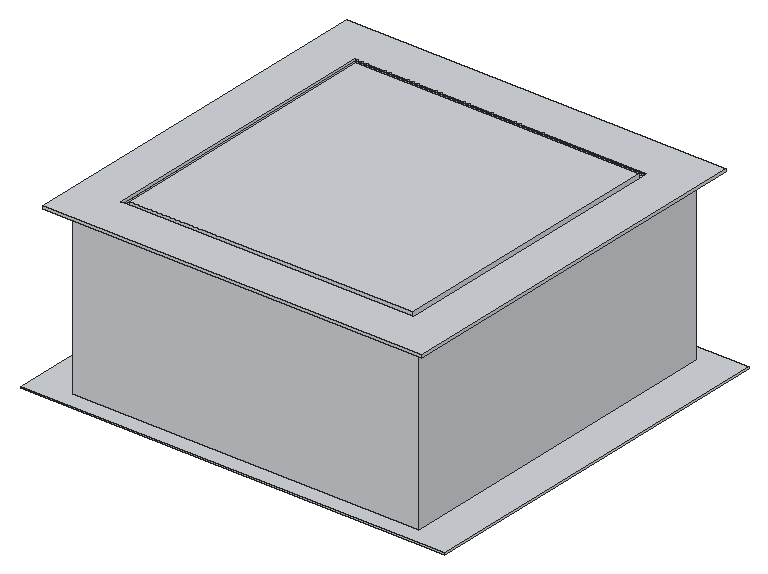
Revit family "Estrichüberdecktes Kanalsystem EÜK_UZD250-3_für_Estrichhöhe_165-220 mm", category Generic Models, Revit 2015
Parameters (values of type "UZD 165220 250-3")
  Width = 200 mm
  URL = "http://www.obo-bettermann.com"
  Size "a" = 262 mm
  Material = Steel, Galvanized
  Manufacturer Art. No. = "7410052"
  Manufacturer = "OBO Bettermann"
  HeightCalc = if(Height < 165 mm, 165 mm, (if(Height > 220 mm, 220 mm, Height)))  # 165 mm
  Height = 165 mm
  GTIN = "4012195431688"
  Article Type = "UZD 165220 250-3"
  "B" Dimension = 410 mm
  "A" Dimension = 367 mm
Reference planes
  plane 1 "Center (Front/Back)": y = 0
  plane 2: z = 0
  plane 3 "Center (Left/Right)": x = 0
  plane 4: z = 1
  plane 5: x = -205
  plane 6: y = -183.5
  plane 7: x = 205
  plane 8: y = 183.5
  plane 9: y = -167
  plane 10: x = 167
  plane 11: y = 167
  plane 12: x = -167
  plane 13: z = 163
  plane 14: z = 165
  plane 15: x = -183.5
  plane 16: x = 183.5
  plane 17: y = 141.5
  plane 18: x = 141.5
  plane 19: x = -141.5
  plane 20: y = -141.5
  plane 21: z = 161
  plane 22: y = 131
  plane 23: y = -131
  plane 24: x = 131
  plane 25: x = -131
  plane 26: y = -136.5
  plane 27: x = 136.5
  plane 28: y = 136.5
  plane 29: x = -136.5
Forms (mm)
  Extrusion 1, solid
    sketch origin (0, 0, 0) x (1, 0, 0) y (0, 1, 0)
      loop
        line (205, 183.5) -> (-205, 183.5) -> (-205, -183.5) -> (205, -183.5) -> (205, 183.5)
    from 0 to 1
  Extrusion 2, solid
    sketch origin (0, 0, 0) x (1, 0, 0) y (0, 1, 0)
      loop
        line (-167, 167) -> (-167, -167) -> (167, -167) -> (167, 167) -> (-167, 167)
    from 1 to 163
  Extrusion 3, solid
    sketch origin (0, 0, 0) x (1, 0, 0) y (0, 1, 0)
      loop
        line (-183.5, 183.5) -> (-183.5, -183.5) -> (183.5, -183.5) -> (183.5, 183.5) -> (-183.5, 183.5)
    from 163 to 165
  Extrusion 4, void
    sketch origin (0, 0, 0) x (1, 0, 0) y (0, 1, 0)
      loop
        line (-141.5, 141.5) -> (-141.5, -141.5) -> (141.5, -141.5) -> (141.5, 141.5) -> (-141.5, 141.5)
    from 161 to 165
  Extrusion 5, void
    sketch origin (0, 0, 0) x (1, 0, 0) y (0, 1, 0)
      loop
        line (-131, 131) -> (-131, -131) -> (131, -131) -> (131, 131) -> (-131, 131)
    from 1 to 161
  Extrusion 6, solid
    sketch origin (0, 0, 0) x (1, 0, 0) y (0, 1, 0)
      loop
        line (-136.5, 136.5) -> (-136.5, -136.5) -> (136.5, -136.5) -> (136.5, 136.5) -> (-136.5, 136.5)
    from 161 to 165
Cuts and joins
  Extrusion 4, Extrusion 5 cuts Extrusion 1
  Extrusion 4, Extrusion 5 cuts Extrusion 2
  Extrusion 4 cuts Extrusion 3
Lines and regions (mm)
  model lines
    curve 1: line (205, 183.5, 0) -> (-205, 183.5, 0)
    curve 2: line (205, 183.5, 0) -> (205, -183.5, 0)
    curve 3: line (205, -183.5, 0) -> (-205, -183.5, 0)
    curve 4: line (-205, -183.5, 0) -> (-205, 183.5, 0)
    curve 5: line (-167, 167, 0) -> (167, 167, 0)
    curve 6: line (167, 167, 0) -> (167, -167, 0)
    curve 7: line (167, -167, 0) -> (-167, -167, 0)
    curve 8: line (-167, -167, 0) -> (-167, 167, 0)
    curve 9: line (-183.5, 183.5, 0) -> (-183.5, -183.5, 0)
    curve 10: line (183.5, -183.5, 0) -> (183.5, 183.5, 0)
    curve 11: line (-141.5, 141.5, 0) -> (141.5, 141.5, 0)
    curve 12: line (141.5, 141.5, 0) -> (141.5, -141.5, 0)
    curve 13: line (141.5, -141.5, 0) -> (-141.5, -141.5, 0)
    curve 14: line (-141.5, -141.5, 0) -> (-141.5, 141.5, 0)
    curve 15: line (-131, 131, 0) -> (131, 131, 0)
    curve 16: line (131, 131, 0) -> (131, -131, 0)
    curve 17: line (131, -131, 0) -> (-131, -131, 0)
    curve 18: line (-131, -131, 0) -> (-131, 131, 0)
    curve 19: line (-136.5, 136.5, 0) -> (136.5, 136.5, 0)
    curve 20: line (136.5, 136.5, 0) -> (136.5, -136.5, 0)
    curve 21: line (136.5, -136.5, 0) -> (-136.5, -136.5, 0)
    curve 22: line (-136.5, -136.5, 0) -> (-136.5, 136.5, 0)
Dimensions and locks
  locked: level to plane 4 at 1
  equal spacing: plane 6, plane 1 "Center (Front/Back)", plane 8
  ""A" Dimension": plane 6 to plane 8
  equal spacing: plane 5, plane 3 "Center (Left/Right)", plane 7
  ""B" Dimension": plane 5 to plane 7
  equal spacing: plane 12, plane 3 "Center (Left/Right)", plane 10
  locked: plane 9 to plane 11 at 334
  equal spacing: plane 9, plane 1 "Center (Front/Back)", plane 11
  locked: plane 12 to plane 10 at 334
  locked: plane 13 to plane 14 at 2
  equal spacing: plane 15, plane 3 "Center (Left/Right)", plane 16
  locked: plane 15 to plane 16 at 367
  equal spacing: plane 19, plane 3 "Center (Left/Right)", plane 18
  locked: plane 19 to plane 18 at 283
  equal spacing: plane 17, plane 1 "Center (Front/Back)", plane 20
  locked: plane 17 to plane 20 at 283
  "HeightCalc": level to plane 14
  locked: plane 21 to plane 14 at 4
  equal spacing: plane 25, plane 3 "Center (Left/Right)", plane 24
  "Size "a"": plane 25 to plane 24
  equal spacing: plane 22, plane 1 "Center (Front/Back)", plane 23
  "Size "a"": plane 22 to plane 23
  equal spacing: plane 29, plane 3 "Center (Left/Right)", plane 27
  locked: plane 29 to plane 27 at 273
  equal spacing: plane 28, plane 1 "Center (Front/Back)", plane 26
  locked: plane 28 to plane 26 at 273
  aligned and locked: level to plane 2
  aligned and locked: plane 7 to curve 2
  aligned and locked: plane 5 to curve 4
  aligned and locked: Extrusion 1 sketch curve to curve 1
  aligned and locked: Extrusion 1 sketch curve to curve 2
  aligned and locked: Extrusion 1 sketch curve to curve 3
  aligned and locked: Extrusion 1 sketch curve to curve 4
  aligned and locked: plane 4 to Extrusion 1
  aligned and locked: plane 11 to curve 5
  aligned and locked: curve 6 to plane 10
  aligned and locked: plane 9 to curve 7
  aligned and locked: curve 8 to plane 12
  aligned and locked: Extrusion 2 sketch curve to curve 5
  aligned and locked: Extrusion 2 sketch curve to curve 6
  aligned and locked: Extrusion 2 sketch curve to curve 7
  aligned and locked: Extrusion 2 sketch curve to curve 8
  aligned and locked: plane 13 to Extrusion 2
  aligned and locked: Extrusion 2 to plane 4
  aligned and locked: curve 9 to plane 15
  aligned and locked: plane 16 to curve 10
  aligned and locked: Extrusion 3 sketch curve to curve 9
  aligned and locked: Extrusion 3 sketch curve to curve 10
  aligned and locked: plane 6 to Extrusion 3 sketch curve
  aligned and locked: Extrusion 3 sketch curve to plane 8
  aligned and locked: Extrusion 3 to plane 13
  aligned and locked: plane 14 to Extrusion 3
  aligned and locked: curve 11 to plane 17
  aligned and locked: curve 12 to plane 18
  aligned and locked: plane 20 to curve 13
  aligned and locked: plane 19 to curve 14
  aligned and locked: Extrusion 1 to level
  aligned and locked: Extrusion 4 sketch curve to curve 11
  aligned and locked: Extrusion 4 sketch curve to curve 12
  aligned and locked: Extrusion 4 sketch curve to curve 13
  aligned and locked: Extrusion 4 sketch curve to curve 14
  aligned and locked: plane 14 to Extrusion 4
  aligned and locked: Extrusion 4 to plane 21
  aligned and locked: curve 15 to plane 22
  aligned and locked: curve 16 to plane 24
  aligned and locked: plane 23 to curve 17
  aligned and locked: plane 25 to curve 18
  aligned and locked: Extrusion 5 sketch curve to curve 15
  aligned and locked: Extrusion 5 sketch curve to curve 18
  aligned and locked: Extrusion 5 sketch curve to curve 17
  aligned and locked: Extrusion 5 sketch curve to curve 16
  aligned and locked: plane 21 to Extrusion 5
  aligned and locked: Extrusion 5 to plane 4
  aligned and locked: curve 19 to plane 28
  aligned and locked: curve 20 to plane 27
  aligned and locked: curve 21 to plane 26
  aligned and locked: curve 22 to plane 29
  aligned and locked: Extrusion 6 sketch curve to curve 19
  aligned and locked: Extrusion 6 sketch curve to curve 22
  aligned and locked: Extrusion 6 sketch curve to curve 21
  aligned and locked: Extrusion 6 sketch curve to curve 20
  aligned and locked: Extrusion 6 to plane 21
  aligned and locked: plane 14 to Extrusion 6
Automatic sketch dimensions
  curve 10 to plane 6 = 0 mm
  plane 8 to curve 9 = 0 mm
